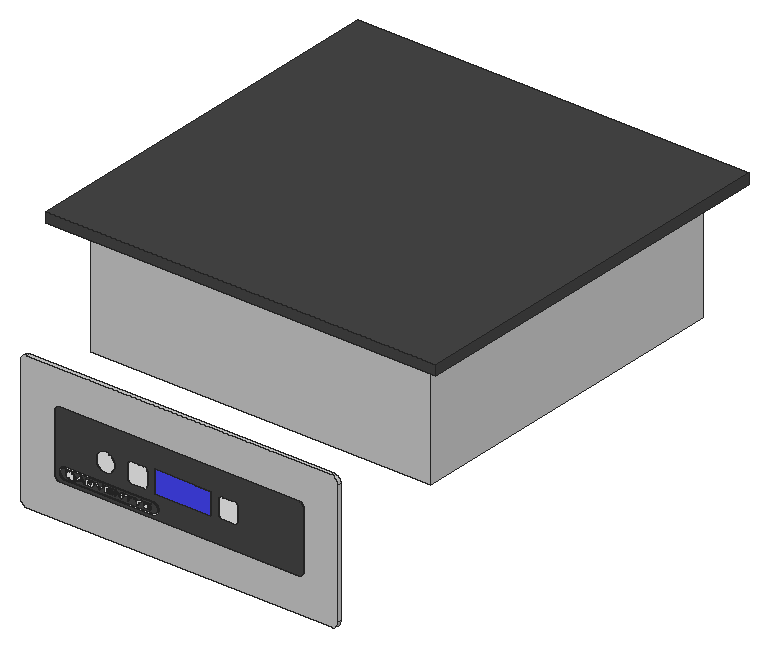
Revit family "QF_ADVENTYS_IE_FDIR_1000_250902070047", category Specialty Equipment, Revit 2021
Family settings
  Round Connector Dimension = Use Diameter
  Part Type = Normal
  OmniClass Number = 23.40.40.14
  OmniClass Title = Food Service Equipment
  Work Plane-Based = No
  Always vertical = Yes
  Cut with Voids When Loaded = No
  Shared = No
  Room Calculation Point = No
Parameters (values of type "ADV1835")
  Weight in Pounds [instance] = 0
  Weight = 5.50 kg
  Warranty Start Date [instance] = ""
  Warranty Duration [instance] = ""
  Volts [instance] = 230 V
  URL Recommended Spares List = ""
  URL Manufacturer = ""
  URL Cutsheet = ""
  URL Critical Spares List = ""
  URL = "www.adventys.com"
  Tag Number [instance] = ""
  Status [instance] = ""
  Specification by User [instance] = ""
  Specification by Manufacturer [instance] = ""
  Sound Level [instance] = ""
  Solid Fuel Type [instance] = ""
  Service Life Duration [instance] = ""
  Serial Number [instance] = ""
  Seismic Rating [instance] = ""
  SMACNA No [instance] = ""
  Revision Code [instance] = ""
  Revision [instance] = ""
  Production Year [instance] = ""
  Point Load [instance] = 0
  Phase [instance] = 1
  Other Equipment Approvals [instance] = ""
  Number of Poles [instance] = 2
  NAFEM Spec ID Number [instance] = ""
  Model Warning [instance] = ""
  Model = "IE FDIR 1000"
  Min Ckt Ampacity [instance] = 0 A
  Max Overcurrent Protection [instance] = 16 A
  Masterspec [instance] = ""
  Manufacturer = "ADVENTYS"
  Length Actual = 280 mm
  Item Number [instance] = ""
  Installed By [instance] = ""
  Installation Date [instance] = ""
  Identify Quantity as Lot [instance] = no
  ID [instance] = ""
  Hygiene Approval [instance] = ""
  Hot Water Consumption = 0.0 L/s
  Height Actual = 94 mm
  HP power [instance] = ""
  Furnished By [instance] = ""
  Foodservice Equipment Identifier [instance] = no
  FL Amps [instance] = 10 A
  Electrical Remarks [instance] = "Plug not included"
  Electric power [instance] = 0 W
  Electric Connection Type [instance] = "Cord&Plug"
  Elec Conn RI Height [instance] = 0 mm
  Elec Conn Connection Height [instance] = 0 mm
  ETL Approved [instance] = no
  Description = "1 ZONE FLUSHED INDUCTION BUFFET - 1000W"
  Depth Actual = 280 mm
  Default Elevation = 0 mm
  Cycle [instance] = 50 Hz
  Cost = 0
  Conn Plug [instance] = ""
  Conn Conduit [instance] = no
  CSI MasterFormat [instance] = ""
  CE Approved [instance] = no
  Barcode [instance] = 0
  Author [instance] = ""
  Asset Identifier [instance] = ""
  Apparent Power [instance] = 300 VA
  Accessory = no
Reference planes
  plane 1 "Center (Front/Back)": y = 0
  plane 2: z = 0
  plane 3 "Center (Left/Right)": x = 0
Forms (mm)
  Extrusion 1, solid, not visible
    sketch origin (211.01, -36.002, -82.004) x (1, 0, 0) y (0, 1, 0)
      loop
        line (-2, 2) -> (-2, -2) -> (2, -2) -> (2, 2) -> (-2, 2)
    from -2 to 2
Dimensions and locks
  locked: nested 2 to Extrusion 1 at 2  (x2)
  aligned and locked: level to plane 2
Nested families
  nested 1: "QF_ADVENTYS_ADV1816_2916" at (0, 0, 0), type "ADV1835"
    with Status "", Show Logo yes, Show Clearance yes
  nested 2: "CONN_POINT_ELE_2D___Generic_Annotation" at (211.01, -36.002, -84.004), type "CONN_POINT_ELE_2D___Generic_Annotation"
    with Onboard connection annotation symbol visibility yes
Connectors
  electrical at (211.01, -36.002, -84.004), driven by "Apparent Power", driven by "Number of Poles", driven by "Volts"
    settings: on Extrusion 1, index 1, voltage 230 V, apparent load 0 VA, apparent load phase1 300 VA, apparent load phase2 0 VA, apparent load phase3 0 VA, power factor 1, load classification "Other", number of poles 2, system type 31, power factor state 1, is connector primary yes, connector utility no, sub classification motor no, connector description "Electrical connection for IE FDIR 1000"
Definition of nested family "QF_ADVENTYS_ADV1816_2916"
  Parameters (values of type "ADV1835")
    URL = "www.adventys.com"
    Status [instance] = ""
    Show Logo [instance] = yes
    Show Clearance [instance] = yes
    Model = "IE FDIR 1000"
    Manufacturer = "ADVENTYS"
    Description = "1 ZONE FLUSHED INDUCTION BUFFET - 1000W"
    Default Elevation = 0 mm
    Cost = 0
    Author = "SPECIFI"
    Assembly Code = "E1090320"
  Types (2, lengths in mm): name | Model | Description
    ADV1816 | "IE FDIR 300" | "1 ZONE FLUSHED INDUCTION BUFFET - 300W"
    ADV1835 | "IE FDIR 1000" | "1 ZONE FLUSHED INDUCTION BUFFET - 1000W"
  Reference planes
    plane 1 "Back": y = 0
    plane 2: z = 0
    plane 3 "Left": x = 0
    plane 4 "Right": x = 280
    plane 5 "Front": y = -280
    plane 6 "Top": z = 0
  Forms (mm)
    Extrusion 1, solid
      sketch origin (0, 0, -159) x (0, 1, 0) y (0, 0, 1)
        loop
          line (-280, 159) -> (0, 159) -> (0, 166.5) -> (-280, 166.5) -> (-280, 159)
      from 0 to 280
    Extrusion 2, void
      sketch origin (0, 0, 0) x (1, 0, 0) y (0, 1, 0)
        loop
          line (0, 0) -> (0, -280) -> (280, -280) -> (280, 0) -> (0, 0)
      from -86.5 to 35
    Extrusion 3, solid
      sketch origin (0, 0, -24.305) x (1, 0, 0) y (0, 1, 0)
        loop
          line (18, -18) -> (18, -262) -> (262, -262) -> (262, -18) -> (18, -18)
      from -59.695 to 24.305
    Extrusion 4, solid
      sketch origin (0, 0, 0) x (1, 0, 0) y (0, 1, 0)
        loop
          line (90, -90) -> (90, -190) -> (190, -190) -> (190, -90) -> (90, -90)
      from -86.5 to -84
    Extrusion 5, solid
      sketch origin (262.78, 465.629, -84.1) x (0, 1, 0) y (-1, 0, 0)
        loop
          line (-487.629, 59.78) -> (-515.629, 59.78)
          arc (-515.629, 59.78) -> (-516.336, 59.487) -> (-516.629, 58.78) r 1
          line (-516.629, 58.78) -> (-516.629, 31.78)
          arc (-516.629, 31.78) -> (-516.336, 31.073) -> (-515.629, 30.78) r 1
          line (-515.629, 30.78) -> (-487.629, 30.78)
          arc (-487.629, 30.78) -> (-486.922, 31.073) -> (-486.629, 31.78) r 1
          line (-486.629, 31.78) -> (-486.629, 58.78)
          arc (-486.629, 58.78) -> (-486.922, 59.487) -> (-487.629, 59.78) r 1
        loop
          line (-495.043, 55.85) -> (-508.214, 55.85) -> (-512.629, 51.436) -> (-512.629, 44.35)
          arc (-512.629, 44.35) -> (-511.75, 42.229) -> (-509.629, 41.35) r 3
          line (-509.629, 41.35) -> (-493.629, 41.35)
          arc (-493.629, 41.35) -> (-491.507, 42.229) -> (-490.629, 44.35) r 3
          line (-490.629, 44.35) -> (-490.629, 51.436) -> (-495.043, 55.85)
      from -1.9 to 0.1
    Extrusion 6, solid
      sketch origin (261.75, 284.5, -84) x (0, 1, 0) y (-1, 0, 0)
        loop
          line (-309.5, 43.32) -> (-309.5, 50.406) -> (-313.914, 54.82) -> (-327.086, 54.82) -> (-331.5, 50.406) -> (-331.5, 43.32)
          arc (-331.5, 43.32) -> (-330.621, 41.199) -> (-328.5, 40.32) r 3
          line (-328.5, 40.32) -> (-312.5, 40.32)
          arc (-312.5, 40.32) -> (-310.379, 41.199) -> (-309.5, 43.32) r 3
        loop
          line (-327.5, 55.82) -> (-332.5, 50.82) -> (-332.5, 42.32)
          arc (-332.5, 42.32) -> (-331.621, 40.199) -> (-329.5, 39.32) r 3
          line (-329.5, 39.32) -> (-311.5, 39.32)
          arc (-311.5, 39.32) -> (-309.379, 40.199) -> (-308.5, 42.32) r 3
          line (-308.5, 42.32) -> (-308.5, 50.82) -> (-313.5, 55.82) -> (-327.5, 55.82)
      from 0 to 10
    Extrusion 7, solid
      sketch origin (269.405, 902.154, -83.6) x (0, 1, 0) y (-1, 0, 0)
        loop
          line (-931.568, 62.475) -> (-944.74, 62.475) -> (-949.154, 58.061) -> (-949.154, 50.975)
          arc (-949.154, 50.975) -> (-948.276, 48.854) -> (-946.154, 47.975) r 3
          line (-946.154, 47.975) -> (-930.154, 47.975)
          arc (-930.154, 47.975) -> (-928.033, 48.854) -> (-927.154, 50.975) r 3
          line (-927.154, 50.975) -> (-927.154, 58.061) -> (-931.568, 62.475)
      from 9.19 to 10.6
    Extrusion 8, solid
      sketch origin (261.75, 284.5, -84) x (0, 1, 0) y (-1, 0, 0)
        loop
          line (-319.5, 50.82) -> (-321.5, 50.82) -> (-321.5, 47.82) -> (-319.5, 47.82) -> (-319.5, 50.82)
        loop
          line (-312.5, 46.32) -> (-314.5, 46.32) -> (-314.5, 43.32) -> (-312.5, 43.32) -> (-312.5, 46.32)
        loop
          line (-326.5, 46.32) -> (-328.5, 46.32) -> (-328.5, 43.32) -> (-326.5, 43.32) -> (-326.5, 46.32)
      from 0.6 to 10
    Blend 9, solid
      base sketch origin (261.75, 234.5, -84) x (0, 1, 0) y (-1, 0, 0)
        loop
          line (-269.5, 50.82) -> (-271.5, 50.82) -> (-271.5, 47.82) -> (-269.5, 47.82) -> (-269.5, 50.82)
      top sketch origin (261.75, 234.5, -84) x (0, 1, 0) y (-1, 0, 0)
        loop
          line (-270, 48.32) -> (-270, 50.32) -> (-271, 50.32) -> (-271, 48.32) -> (-270, 48.32)
      from 0.6 to -1.4
    Blend 10, solid
      base sketch origin (266.25, 241.5, -84) x (0, 1, 0) y (-1, 0, 0)
        loop
          line (-269.5, 50.82) -> (-271.5, 50.82) -> (-271.5, 47.82) -> (-269.5, 47.82) -> (-269.5, 50.82)
      top sketch origin (266.25, 241.5, -84) x (0, 1, 0) y (-1, 0, 0)
        loop
          line (-270, 48.32) -> (-270, 50.32) -> (-271, 50.32) -> (-271, 48.32) -> (-270, 48.32)
      from 0.6 to -1.4
    Blend 11, solid
      base sketch origin (266.25, 227.5, -84) x (0, 1, 0) y (-1, 0, 0)
        loop
          line (-269.5, 50.82) -> (-271.5, 50.82) -> (-271.5, 47.82) -> (-269.5, 47.82) -> (-269.5, 50.82)
      top sketch origin (266.25, 227.5, -84) x (0, 1, 0) y (-1, 0, 0)
        loop
          line (-270, 48.32) -> (-270, 50.32) -> (-271, 50.32) -> (-271, 48.32) -> (-270, 48.32)
      from 0.6 to -1.4
    Extrusion 12, solid
      sketch origin (1118.507, 11.78, -84.6) x (1, 0, 0) y (0, 1, 0)
        loop
          arc (-925.507, -59.78) -> (-924.8, -59.487) -> (-924.507, -58.78) r 1
          line (-924.507, -58.78) -> (-924.507, -33.78)
          arc (-924.507, -33.78) -> (-924.8, -33.073) -> (-925.507, -32.78) r 1
          line (-925.507, -32.78) -> (-958.507, -32.78)
          arc (-958.507, -32.78) -> (-959.214, -33.073) -> (-959.507, -33.78) r 1
          line (-959.507, -33.78) -> (-959.507, -58.78)
          arc (-959.507, -58.78) -> (-959.214, -59.487) -> (-958.507, -59.78) r 1
          line (-958.507, -59.78) -> (-925.507, -59.78)
        loop
          line (-933.072, -56.28) -> (-927.657, -50.866) -> (-927.657, -39.28)
          arc (-927.657, -39.28) -> (-928.536, -37.159) -> (-930.657, -36.28) r 3
          line (-930.657, -36.28) -> (-952.657, -36.28)
          arc (-952.657, -36.28) -> (-954.779, -37.159) -> (-955.657, -39.28) r 3
          line (-955.657, -39.28) -> (-955.657, -50.866) -> (-950.243, -56.28) -> (-933.072, -56.28)
      from -1.4 to 0.6
    Extrusion 13, solid
      sketch origin (500.5, 11.78, -84) x (1, 0, 0) y (0, 1, 0)
        loop
          line (-315.064, -56.28) -> (-309.65, -50.866) -> (-309.65, -39.28)
          arc (-309.65, -39.28) -> (-310.529, -37.159) -> (-312.65, -36.28) r 3
          line (-312.65, -36.28) -> (-334.65, -36.28)
          arc (-334.65, -36.28) -> (-336.771, -37.159) -> (-337.65, -39.28) r 3
          line (-337.65, -39.28) -> (-337.65, -50.866) -> (-332.236, -56.28) -> (-315.064, -56.28)
        loop
          line (-314.288, -56.918) -> (-309.044, -51.674)
          arc (-309.044, -51.674) -> (-308.754, -51.316) -> (-308.65, -50.866) r 1.026
          line (-308.65, -50.866) -> (-308.65, -39.28)
          arc (-308.65, -39.28) -> (-309.822, -36.452) -> (-312.65, -35.28) r 4
          line (-312.65, -35.28) -> (-334.65, -35.28)
          arc (-334.65, -35.28) -> (-337.478, -36.452) -> (-338.65, -39.28) r 4
          line (-338.65, -39.28) -> (-338.65, -50.768)
          arc (-338.65, -50.768) -> (-338.593, -51.203) -> (-338.357, -51.573) r 1.013
          line (-338.357, -51.573) -> (-333.012, -56.918)
          arc (-333.012, -56.918) -> (-332.664, -57.185) -> (-332.236, -57.28) r 1.013
          line (-332.236, -57.28) -> (-315.064, -57.28)
          arc (-315.064, -57.28) -> (-314.636, -57.185) -> (-314.288, -56.918) r 1.013
      from 0 to 10
    Extrusion 14, solid
      sketch origin (1118.004, 18.975, -83.6) x (1, 0, 0) y (0, 1, 0)
        loop
          line (-932.568, -63.475) -> (-927.154, -58.061) -> (-927.154, -46.475)
          arc (-927.154, -46.475) -> (-928.033, -44.354) -> (-930.154, -43.475) r 3
          line (-930.154, -43.475) -> (-952.154, -43.475)
          arc (-952.154, -43.475) -> (-954.276, -44.354) -> (-955.154, -46.475) r 3
          line (-955.154, -46.475) -> (-955.154, -58.061) -> (-949.74, -63.475) -> (-932.568, -63.475)
      from 9.19 to 10.6
    Extrusion 15, solid
      sketch origin (497.371, 11.78, -84) x (1, 0, 0) y (0, 1, 0)
        loop
          arc (-310.164, -49.073) -> (-309.935, -48.744) -> (-309.871, -48.348) r 0.897
          line (-309.871, -48.348) -> (-309.871, -41.28)
          arc (-309.871, -41.28) -> (-310.604, -39.512) -> (-312.371, -38.78) r 2.5
          line (-312.371, -38.78) -> (-329.371, -38.78)
          arc (-329.371, -38.78) -> (-331.139, -39.512) -> (-331.871, -41.28) r 2.5
          line (-331.871, -41.28) -> (-331.871, -48.366)
          arc (-331.871, -48.366) -> (-331.784, -48.774) -> (-331.539, -49.112) r 1.005
          line (-331.539, -49.112) -> (-327.164, -53.487)
          arc (-327.164, -53.487) -> (-326.794, -53.723) -> (-326.359, -53.78) r 1.013
          line (-326.359, -53.78) -> (-315.363, -53.78)
          arc (-315.363, -53.78) -> (-314.936, -53.701) -> (-314.565, -53.473) r 1.194
          line (-314.565, -53.473) -> (-310.164, -49.073)
        loop
          line (-319.371, -45.78) -> (-322.371, -45.78) -> (-322.371, -50.78) -> (-319.371, -50.78) -> (-319.371, -45.78)
        loop
          line (-312.371, -41.48) -> (-315.371, -41.48) -> (-315.371, -46.48) -> (-312.371, -46.48) -> (-312.371, -41.48)
        loop
          line (-326.371, -41.48) -> (-329.371, -41.48) -> (-329.371, -46.48) -> (-326.371, -46.48) -> (-326.371, -41.48)
      from -2 to 10
    Extrusion 16, void
      sketch origin (0, 0, 0) x (1, 0, 0) y (0, 1, 0)
        loop
          line (187.85, -23.5) -> (165.85, -23.5)
          arc (165.85, -23.5) -> (163.022, -24.672) -> (161.85, -27.5) r 4
          line (161.85, -27.5) -> (161.85, -38.988)
          arc (161.85, -38.988) -> (161.925, -39.416) -> (162.143, -39.793) r 1.252
          line (162.143, -39.793) -> (167.488, -45.138)
          arc (167.488, -45.138) -> (167.844, -45.387) -> (168.264, -45.5) r 1.252
          line (168.264, -45.5) -> (185.436, -45.5)
          arc (185.436, -45.5) -> (185.864, -45.405) -> (186.212, -45.138) r 1.013
          line (186.212, -45.138) -> (191.456, -39.894)
          arc (191.456, -39.894) -> (191.746, -39.536) -> (191.85, -39.086) r 1.026
          line (191.85, -39.086) -> (191.85, -27.5)
          arc (191.85, -27.5) -> (190.678, -24.672) -> (187.85, -23.5) r 4
        loop
          line (219.43, -24) -> (210.93, -24) -> (205.93, -29) -> (205.93, -43) -> (210.93, -48) -> (219.43, -48)
          arc (219.43, -48) -> (221.551, -47.121) -> (222.43, -45) r 3
          line (222.43, -45) -> (222.43, -27)
          arc (222.43, -27) -> (221.551, -24.879) -> (219.43, -24) r 3
      from -74 to -84
    Extrusion 17, solid
      sketch origin (-9.5, -278.933, -32.5) x (0, 0, -1) y (1, 0, 0)
        loop
          arc (17.5, 40.5) -> (18.964, 36.964) -> (22.5, 35.5) r 5
          line (22.5, 35.5) -> (110.5, 35.5)
          arc (110.5, 35.5) -> (114.036, 36.964) -> (115.5, 40.5) r 5
          line (115.5, 40.5) -> (115.5, 258.5)
          arc (115.5, 258.5) -> (114.036, 262.036) -> (110.5, 263.5) r 5
          line (110.5, 263.5) -> (22.5, 263.5)
          arc (22.5, 263.5) -> (18.964, 262.036) -> (17.5, 258.5) r 5
          line (17.5, 258.5) -> (17.5, 40.5)
        loop
          line (42.5, 235.5) -> (42.5, 63.5)
          arc (42.5, 63.5) -> (43.379, 61.379) -> (45.5, 60.5) r 3
          line (45.5, 60.5) -> (87.5, 60.5)
          arc (87.5, 60.5) -> (89.621, 61.379) -> (90.5, 63.5) r 3
          line (90.5, 63.5) -> (90.5, 235.5)
          arc (90.5, 235.5) -> (89.621, 237.621) -> (87.5, 238.5) r 3
          line (87.5, 238.5) -> (45.5, 238.5)
          arc (45.5, 238.5) -> (43.379, 237.621) -> (42.5, 235.5) r 3
      from 54.067 to 56.067
    Extrusion 18, solid
      sketch origin (-9.5, -335, -32.5) x (0, 0, -1) y (1, 0, 0)
        loop
          line (42.5, 235.5) -> (42.5, 63.5)
          arc (42.5, 63.5) -> (43.379, 61.379) -> (45.5, 60.5) r 3
          line (45.5, 60.5) -> (87.5, 60.5)
          arc (87.5, 60.5) -> (89.621, 61.379) -> (90.5, 63.5) r 3
          line (90.5, 63.5) -> (90.5, 235.5)
          arc (90.5, 235.5) -> (89.621, 237.621) -> (87.5, 238.5) r 3
          line (87.5, 238.5) -> (45.5, 238.5)
          arc (45.5, 238.5) -> (43.379, 237.621) -> (42.5, 235.5) r 3
        loop
          line (58.5, 172.35) -> (58.5, 132) -> (74.5, 132) -> (74.5, 172.35) -> (58.5, 172.35)
        loop
          arc (62.29, 126.688) -> (60.306, 125.865) -> (59.484, 123.881) r 2.806
          line (59.484, 123.881) -> (59.484, 115.462)
          arc (59.484, 115.462) -> (60.306, 113.477) -> (62.29, 112.655) r 2.806
          line (62.29, 112.655) -> (70.71, 112.655)
          arc (70.71, 112.655) -> (72.694, 113.477) -> (73.516, 115.462) r 2.806
          line (73.516, 115.462) -> (73.516, 123.881)
          arc (73.516, 123.881) -> (72.694, 125.865) -> (70.71, 126.688) r 2.806
          line (70.71, 126.688) -> (62.29, 126.688)
        loop
          circle (66.5, 96.685) r 6.575
        loop
          arc (62.29, 191.695) -> (60.306, 190.873) -> (59.484, 188.888) r 2.806
          line (59.484, 188.888) -> (59.484, 180.469)
          arc (59.484, 180.469) -> (60.306, 178.485) -> (62.29, 177.662) r 2.806
          line (62.29, 177.662) -> (70.71, 177.662)
          arc (70.71, 177.662) -> (72.694, 178.485) -> (73.516, 180.469) r 2.806
          line (73.516, 180.469) -> (73.516, 188.888)
          arc (73.516, 188.888) -> (72.694, 190.873) -> (70.71, 191.695) r 2.806
          line (70.71, 191.695) -> (62.29, 191.695)
      from 0 to -2
    Extrusion 19, solid
      sketch origin (-9.5, -335, -34.375) x (0, 0, -1) y (1, 0, 0)
        loop
          line (56.625, 132) -> (72.625, 132) -> (72.625, 172.35) -> (56.625, 172.35) -> (56.625, 132)
      from 0 to -2
    Extrusion 20, solid
      sketch origin (-29.5, -335, -34.375) x (0, 0, -1) y (1, 0, 0)
        loop
          arc (57.609, 135.462) -> (58.431, 133.477) -> (60.415, 132.655) r 2.806
          line (60.415, 132.655) -> (68.835, 132.655)
          arc (68.835, 132.655) -> (70.819, 133.477) -> (71.641, 135.462) r 2.806
          line (71.641, 135.462) -> (71.641, 143.881)
          arc (71.641, 143.881) -> (70.819, 145.865) -> (68.835, 146.688) r 2.806
          line (68.835, 146.688) -> (60.415, 146.688)
          arc (60.415, 146.688) -> (58.431, 145.865) -> (57.609, 143.881) r 2.806
          line (57.609, 143.881) -> (57.609, 135.462)
        loop
          circle (64.625, 116.685) r 6.575
        loop
          line (57.609, 208.888) -> (57.609, 200.469)
          arc (57.609, 200.469) -> (58.431, 198.485) -> (60.415, 197.662) r 2.806
          line (60.415, 197.662) -> (68.835, 197.662)
          arc (68.835, 197.662) -> (70.819, 198.485) -> (71.641, 200.469) r 2.806
          line (71.641, 200.469) -> (71.641, 208.888)
          arc (71.641, 208.888) -> (70.819, 210.873) -> (68.835, 211.695) r 2.806
          line (68.835, 211.695) -> (60.415, 211.695)
          arc (60.415, 211.695) -> (58.431, 210.873) -> (57.609, 208.888) r 2.806
      from 0 to -2
    Extrusion 21, solid
      sketch origin (-9.5, -335, -32.5) x (0, 0, -1) y (1, 0, 0)
        loop
          line (42.5, 238.5) -> (42.5, 60.5) -> (90.5, 60.5) -> (90.5, 238.5) -> (42.5, 238.5)
      from -2 to -30
    Extrusion 22, solid, visible <- "Show Logo"
      sketch origin (-29.051, -158.23, 307.656) x (1, 0, 0) y (0, 0, 1)
        loop
          arc (88.581, -421.313) -> (88.113, -421.507) -> (87.92, -421.974) r 0.661
          line (87.92, -421.974) -> (87.92, -423.61)
          arc (87.92, -423.61) -> (88.124, -424.087) -> (88.609, -424.27) r 0.661
          line (88.609, -424.27) -> (88.609, -423.032)
          arc (88.609, -423.032) -> (88.952, -422.351) -> (89.662, -422.077) r 1.058
          line (89.662, -422.077) -> (92.486, -422.077)
          arc (92.486, -422.077) -> (92.335, -421.544) -> (91.833, -421.313) r 0.661
          line (91.833, -421.313) -> (88.581, -421.313)
        loop
          arc (88.581, -420.916) -> (87.833, -421.226) -> (87.523, -421.974) r 1.058
          line (87.523, -421.974) -> (87.523, -423.61)
          arc (87.523, -423.61) -> (87.843, -424.368) -> (88.609, -424.667) r 1.058
          arc (88.609, -424.667) -> (88.88, -425.483) -> (89.667, -425.828) r 1.058
          arc (89.667, -425.828) -> (89.974, -426.583) -> (90.725, -426.896) r 1.058
          line (90.725, -426.896) -> (93.719, -426.896)
          arc (93.719, -426.896) -> (94.467, -426.586) -> (94.777, -425.838) r 1.058
          line (94.777, -425.838) -> (94.777, -424.306)
          arc (94.777, -424.306) -> (94.463, -423.554) -> (93.708, -423.248) r 1.058
          arc (93.708, -423.248) -> (93.515, -422.517) -> (92.883, -422.101) r 1.058
          arc (92.883, -422.101) -> (92.625, -421.273) -> (91.833, -420.916) r 1.058
          line (91.833, -420.916) -> (88.581, -420.916)
        loop
          arc (93.719, -426.499) -> (94.187, -426.306) -> (94.38, -425.838) r 0.661
          line (94.38, -425.838) -> (94.38, -424.306)
          arc (94.38, -424.306) -> (94.185, -423.837) -> (93.714, -423.645) r 0.661
          line (93.714, -423.645) -> (93.714, -424.77)
          arc (93.714, -424.77) -> (93.404, -425.518) -> (92.656, -425.828) r 1.058
          line (92.656, -425.828) -> (90.064, -425.828)
          arc (90.064, -425.828) -> (90.254, -426.302) -> (90.725, -426.499) r 0.661
          line (90.725, -426.499) -> (93.719, -426.499)
        loop
          arc (95.546, -425.156) -> (95.587, -425.684) -> (96.116, -425.67) r 0.384
          line (96.116, -425.67) -> (96.845, -424.94) -> (99.743, -424.94) -> (100.472, -425.67)
          arc (100.472, -425.67) -> (101.001, -425.684) -> (101.042, -425.156) r 0.384
          line (101.042, -425.156) -> (98.294, -421.762) -> (95.546, -425.156)
        loop
          line (98.294, -423.127) -> (97.364, -424.275) -> (99.224, -424.275) -> (98.294, -423.127)
        loop
          line (102.315, -421.827) -> (102.315, -425.732) -> (105.995, -425.732)
          arc (105.995, -425.732) -> (107.947, -423.78) -> (105.995, -421.827) r 1.953
          line (105.995, -421.827) -> (102.315, -421.827)
        loop
          line (105.995, -422.854) -> (103.343, -422.854) -> (103.343, -424.705) -> (105.995, -424.705)
          arc (105.995, -424.705) -> (106.92, -423.78) -> (105.995, -422.854) r 0.925
        loop
          arc (109.84, -422.053) -> (109.312, -422.039) -> (109.27, -422.566) r 0.384
          line (109.27, -422.566) -> (112.019, -425.961) -> (114.767, -422.566)
          arc (114.767, -422.566) -> (114.725, -422.039) -> (114.197, -422.053) r 0.384
          line (114.197, -422.053) -> (112.019, -424.743) -> (109.84, -422.053)
        loop
          line (121.269, -421.781) -> (116.07, -421.781) -> (116.07, -425.732) -> (121.269, -425.732)
          arc (121.269, -425.732) -> (121.671, -425.331) -> (121.269, -424.93) r 0.401
          line (121.269, -424.93) -> (116.972, -424.93) -> (116.972, -424.139) -> (121.269, -424.139)
          arc (121.269, -424.139) -> (121.633, -423.775) -> (121.269, -423.412) r 0.363
          line (121.269, -423.412) -> (116.972, -423.412) -> (116.972, -422.583) -> (121.269, -422.583)
          arc (121.269, -422.583) -> (121.671, -422.182) -> (121.269, -421.781) r 0.401
        loop
          line (122.879, -422.331) -> (122.879, -425.274)
          arc (122.879, -425.274) -> (123.306, -425.701) -> (123.733, -425.274) r 0.427
          line (123.733, -425.274) -> (123.733, -423.122) -> (127.538, -425.5)
          arc (127.538, -425.5) -> (128.155, -425.516) -> (128.468, -424.984) r 0.608
          line (128.468, -424.984) -> (128.468, -422.254)
          arc (128.468, -422.254) -> (128.018, -421.804) -> (127.568, -422.254) r 0.45
          line (127.568, -422.254) -> (127.568, -424.337) -> (123.663, -421.897)
          arc (123.663, -421.897) -> (123.143, -421.883) -> (122.879, -422.331) r 0.513
        loop
          arc (130.273, -421.857) -> (129.778, -422.352) -> (130.273, -422.846) r 0.494
          line (130.273, -422.846) -> (132.065, -422.846) -> (132.065, -425.082)
          arc (132.065, -425.082) -> (132.54, -425.558) -> (133.016, -425.082) r 0.475
          line (133.016, -425.082) -> (133.016, -422.846) -> (134.724, -422.846)
          arc (134.724, -422.846) -> (135.218, -422.352) -> (134.724, -421.857) r 0.494
          line (134.724, -421.857) -> (130.273, -421.857)
        loop
          line (139.461, -423.175) -> (137.5, -421.853)
          arc (137.5, -421.853) -> (136.836, -421.982) -> (136.965, -422.646) r 0.479
          line (136.965, -422.646) -> (138.926, -423.969) -> (138.926, -425.108)
          arc (138.926, -425.108) -> (139.461, -425.643) -> (139.997, -425.108) r 0.535
          line (139.997, -425.108) -> (139.997, -423.969) -> (141.958, -422.646)
          arc (141.958, -422.646) -> (142.087, -421.982) -> (141.423, -421.853) r 0.479
          line (141.423, -421.853) -> (139.461, -423.175)
        loop
          line (148.501, -421.857) -> (144.795, -421.857)
          arc (144.795, -421.857) -> (143.661, -422.991) -> (144.795, -424.125) r 1.134
          line (144.795, -424.125) -> (147.852, -424.125)
          arc (147.852, -424.125) -> (148.265, -424.538) -> (147.852, -424.951) r 0.413
          line (147.852, -424.951) -> (144.128, -424.951)
          arc (144.128, -424.951) -> (143.786, -425.292) -> (144.128, -425.634) r 0.342
          line (144.128, -425.634) -> (148.218, -425.634)
          arc (148.218, -425.634) -> (148.994, -424.394) -> (147.885, -423.44) r 1.122
          line (147.885, -423.44) -> (144.736, -423.44)
          arc (144.736, -423.44) -> (144.286, -422.99) -> (144.736, -422.541) r 0.45
          line (144.736, -422.541) -> (148.501, -422.541)
          arc (148.501, -422.541) -> (148.843, -422.199) -> (148.501, -421.857) r 0.342
        loop
          arc (87.442, -420.162) -> (83.674, -423.931) -> (87.442, -427.699) r 3.769
          line (87.442, -427.699) -> (150.103, -427.699)
          arc (150.103, -427.699) -> (153.872, -423.931) -> (150.103, -420.162) r 3.769
          line (150.103, -420.162) -> (87.442, -420.162)
        loop
          arc (87.442, -419.771) -> (83.283, -423.931) -> (87.442, -428.091) r 4.16
          line (87.442, -428.091) -> (150.103, -428.091)
          arc (150.103, -428.091) -> (154.263, -423.931) -> (150.103, -419.771) r 4.16
          line (150.103, -419.771) -> (87.442, -419.771)
      from 176.77 to 176.97
    Extrusion 23, void
      sketch origin (-9.5, -335, -32.5) x (0, 0, -1) y (1, 0, 0)
        loop
          line (17.5, 258.5) -> (17.5, 40.5)
          arc (17.5, 40.5) -> (18.964, 36.964) -> (22.5, 35.5) r 5
          line (22.5, 35.5) -> (110.5, 35.5)
          arc (110.5, 35.5) -> (114.036, 36.964) -> (115.5, 40.5) r 5
          line (115.5, 40.5) -> (115.5, 258.5)
          arc (115.5, 258.5) -> (114.036, 262.036) -> (110.5, 263.5) r 5
          line (110.5, 263.5) -> (22.5, 263.5)
          arc (22.5, 263.5) -> (18.964, 262.036) -> (17.5, 258.5) r 5
      from 6.67 to -30
    Extrusion 24, solid, not visible
      sketch origin (212, -35, -82) x (1, 0, 0) y (0, 1, 0)
        loop
          line (0, 0) -> (2, 0) -> (2, 2) -> (0, 2) -> (0, 0)
      from 0 to 2
  Cuts and joins
    Extrusion 16 cuts Extrusion 3
  Lines and regions (mm)
    symbolic lines
      curve 1: line (0, 0, 0) -> (280, 0, 0)
      curve 2: line (280, 0, 0) -> (280, -280, 0)
      curve 3: line (280, -280, 0) -> (0, -280, 0)
      curve 4: line (0, -280, 0) -> (0, 0, 0)
      curve 5: line (254, -333, 0) -> (26, -333, 0)
      curve 6: line (254, -335, 0) -> (254, -333, 0)
      curve 7: line (26, -335, 0) -> (254, -335, 0)
      curve 8: line (26, -333, 0) -> (26, -335, 0)
      curve 9: line (51, -333, 0) -> (51, -305, 0)
      curve 10: line (51, -305, 0) -> (229, -305, 0)
      curve 11: line (229, -305, 0) -> (229, -333, 0)
  Dimensions and locks
    plane 3 "Left" to plane 4 "Right" = 280 mm
    plane 5 "Front" to plane 1 "Back" = 280 mm
    aligned and locked: level to plane 2
Definition of nested family "CONN_POINT_ELE_2D___Generic_Annotation"
  Parameters (values of type "CONN_POINT_ELE_2D___Generic_Annotation")
    Onboard connection annotation symbol visibility [instance] = yes
  Reference planes
    plane 1: y = 0
    plane 2: x = 0
  Lines and regions (mm)
    detail lines, visible <- "Onboard connection annotation symbol visibility"
      curve 1: circle (0, 0, 0) r 0.5 normal (0, 0, 1)
      curve 2: line (-1, 0, 0) -> (1, 0, 0)
      curve 3: line (0, 1, 0) -> (0, -1, 0)
      curve 4: line (2.5, 1, 0) -> (1.25, 1, 0)
      curve 5: line (1.25, 1, 0) -> (1.25, -1, 0)
      curve 6: line (1.25, -1, 0) -> (2.5, -1, 0)
      curve 7: line (1.25, 0, 0) -> (2, 0, 0)
